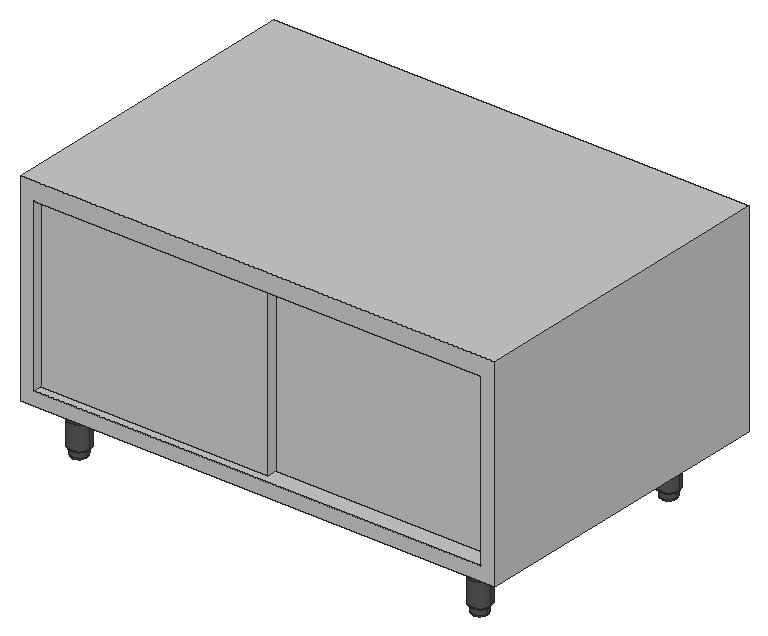
Revit family "QF_CAPIC_ETUVE_W293046", category Equipement spécialisé, Revit 2018
Family settings
  Cote de connecteur circulaire = Utiliser le diamètre
  Type d'élément = Normal
  Numéro OmniClass = 23.40.40.14
  Titre OmniClass = Food Service Equipment
  Basée sur le plan de construction = Non
  Toujours verticalement = Oui
  Couper avec des vides une fois chargée = Non
  Partagée = Non
  Point de calcul de pièce = Non
Parameters (values of type "L=1200mm")
  URL catalogue = "http://www.capic-fr.com/fr/"
  Type de Raccord Plomberie [instance] = ""
  Type de Raccord Electrique [instance] = "Bornier interne"
  Type de Gaz = ""
  Type article [instance] = ""
  Tension = 400 V
  Spécification du Fabricant = ""
  Show Logo = yes
  Remarques evacuation [instance] = ""
  Remarques Plomberie [instance] = ""
  Remarques Electricité [instance] = "400Vx3 +T"
  Puissance électrique  = 2100 W
  Puissance Gaz kW = 0
  Profondeur hors tout = 801 mm
  Pression Maximum Eau Adoucie = 0.0 Pa
  Poids net à vide = 120.00 kg
  Phase = 3
  Modèle = "W293046"
  Longueur porte = Longueur hors tout / 2 - 25 mm  # 575 mm
  Longueur hors tout = 1200 mm
  Intensité nominale = 0 A
  Hauteur hors tout = 630 mm
  Hauteur de Raccordement du Sol Finis = 240 mm
  Hauteur de Raccordement Gaz du Sol Finis = 0 mm
  Hauteur de Raccordement Evacuation Directe du Sol Finis = 0 mm
  Hauteur de Raccordement Eau Froide du Sol Finis = 0 mm
  Hauteur de Raccordement Eau Chaude du Sol Finis = 0 mm
  Hauteur de Raccordement Eau Adoucie du Sol Finis = 0 mm
  Fréquence = 50 Hz
  Fabricant = "CAPIC"
  Débit d'air d'extraction = 0.0 m³/h
  Débit Gaz = 0.0 L/s
  Débit Eau Froide = 0.0 L/s
  Débit Eau Chaude = 0.0 L/s
  Débit Eau Adoucie = 0.0 L/s
  Diamètre de Raccordement Gaz = 0 mm
  Diamètre de Raccordement Evacuation = 0 mm
  Diamètre de Raccordement Eau Froide = 0 mm
  Diamètre de Raccordement Eau Chaude = 0 mm
  Diamètre de Raccordement Eau Adoucie = 0 mm
  Description = "Placard chauffant 2 portes coulissantes"
  Assembly Code = ""
  Classification  Omniclass nombre et titre = ""
Reference planes
  plane 1 "Centre (avant/arrière)": y = 0
  plane 2: z = 0
  plane 3 "Centre (gauche/droite)": x = 0
  plane 4 "Centre G/E": y = 0
  plane 5: y = -838
  plane 6: x = 1200
  plane 7: x = 1198
  plane 8: x = 2
  plane 9: x = 1165
  plane 10: y = -818
  plane 11: x = 1158
  plane 12: y = -223
  plane 13: y = -820
  plane 14: z = 141
  plane 15: x = 42
  plane 16: x = 35
  plane 17: y = -182
  plane 18: z = 621
  plane 19: z = 120
  plane 20: y = -37
  plane 21: x = 610
  plane 22: x = 590
Forms (mm)
  Extrusion 1, solid, material "QF_Stainless Steel-Brushed"
    sketch origin (1480, 0, 0) x (1, 0, 0) y (0, 0, 1)
      loop
        line (-1480, 630) -> (-1480, 120) -> (-280, 120) -> (-280, 630) -> (-1480, 630)
    from 838 to 37
  Extrusion 2, void
    sketch origin (1480, 0, 0) x (1, 0, 0) y (0, 0, 1)
      loop
        line (-1445, 155.456) -> (-315, 155.456) -> (-315, 585.456) -> (-1445, 585.456) -> (-1445, 155.456)
    from 838 to 182
  Extrusion 3, void
    sketch origin (1480, 0, 0) x (1, 0, 0) y (0, 1, 0)
      loop
        line (-1445, -182) -> (-1445, -820) -> (-315, -820) -> (-315, -182) -> (-1445, -182)
    from 120 to 141
  Extrusion 4, solid, material "QF_Stainless Steel-Brushed"
    sketch origin (0, 0, 0) x (1, 0, 0) y (0, 1, 0)
      loop
        line (35, -818) -> (610, -818) -> (610, -793) -> (35, -793) -> (35, -818)
    from 155.456 to 585.456
  Extrusion 5, solid, material "QF_Stainless Steel-Brushed"
    sketch origin (0, 0, 0) x (1, 0, 0) y (0, 1, 0)
      loop
        line (590, -793) -> (1165, -793) -> (1165, -768) -> (590, -768) -> (590, -793)
    from 155.456 to 585.456
Cuts and joins
  Extrusion 2, Extrusion 3 cuts Extrusion 1
Lines and regions (mm)
  model lines
    curve 1: line (1090, -793, 425.451) -> (1145, -793, 425.451)
    curve 2: line (1090, -793, 315.451) -> (1090, -793, 425.451)
    curve 3: line (1145, -793, 315.451) -> (1090, -793, 315.451)
    curve 4: line (1145, -793, 425.451) -> (1145, -793, 315.451)
    curve 5: line (1138, -793, 418.451) -> (1097, -793, 418.451)
    curve 6: line (1097, -793, 418.451) -> (1097, -793, 322.451)
    curve 7: line (1138, -793, 322.451) -> (1138, -793, 418.451)
    curve 8: line (1097, -793, 322.451) -> (1138, -793, 322.451)
    curve 17: line (55, -818, 425.451) -> (110, -818, 425.451)
    curve 18: line (55, -818, 315.451) -> (55, -818, 425.451)
    curve 19: line (110, -818, 315.451) -> (55, -818, 315.451)
    curve 20: line (110, -818, 425.451) -> (110, -818, 315.451)
    curve 21: line (103, -818, 418.451) -> (62, -818, 418.451)
    curve 22: line (62, -818, 418.451) -> (62, -818, 322.451)
    curve 23: line (103, -818, 322.451) -> (103, -818, 418.451)
    curve 24: line (62, -818, 322.451) -> (103, -818, 322.451)
  model lines, not visible
    curve 9: line (890, -793, 425.451) -> (945, -793, 425.451)
    curve 10: line (890, -793, 315.451) -> (890, -793, 425.451)
    curve 11: line (945, -793, 315.451) -> (890, -793, 315.451)
    curve 12: line (945, -793, 425.451) -> (945, -793, 315.451)
    curve 13: line (938, -793, 418.451) -> (897, -793, 418.451)
    curve 14: line (897, -793, 418.451) -> (897, -793, 322.451)
    curve 15: line (938, -793, 322.451) -> (938, -793, 418.451)
    curve 16: line (897, -793, 322.451) -> (938, -793, 322.451)
    curve 25: line (45, -818, 425.451) -> (100, -818, 425.451)
    curve 26: line (45, -818, 315.451) -> (45, -818, 425.451)
    curve 27: line (100, -818, 315.451) -> (45, -818, 315.451)
    curve 28: line (100, -818, 425.451) -> (100, -818, 315.451)
    curve 29: line (93, -818, 418.451) -> (52, -818, 418.451)
    curve 30: line (52, -818, 418.451) -> (52, -818, 322.451)
    curve 31: line (93, -818, 322.451) -> (93, -818, 418.451)
    curve 32: line (52, -818, 322.451) -> (93, -818, 322.451)
Dimensions and locks
  locked: plane 9 to plane 6 at 35
  locked: plane 10 to plane 5 at 20
  "Profondeur hors tout": plane 5 to plane 20
  locked: plane 12 to plane 13 at 597
  locked: plane 7 to plane 6 at 2
  locked: plane 3 "Centre (gauche/droite)" to plane 8 at 2
  "Longueur hors tout": plane 3 "Centre (gauche/droite)" to plane 6
  locked: plane 3 "Centre (gauche/droite)" to plane 16 at 35
  locked: plane 13 to plane 5 at 18
  locked: plane 3 "Centre (gauche/droite)" to plane 15 at 42
  locked: plane 11 to plane 6 at 42
  locked: plane 17 to plane 5 at 656
  plane 14 to plane 19 to plane 2 = 21 mm locked, 120 mm locked
  locked: plane 20 to plane 4 "Centre G/E" at 37
  "Longueur porte": plane 16 to plane 21
  locked: Extrusion 4 to plane 10 at 25
  "Longueur porte": plane 22 to plane 9
  locked: Extrusion 5 to Extrusion 5 at 25
  locked: plane 6 to curve 4 at 55
  locked: curve 3 to level at 315.451
  locked: curve 18 to plane 3 "Centre (gauche/droite)" at 55
  aligned and locked: level to plane 2
  aligned and locked: Extrusion 1 to Extrusion 2
  aligned and locked: cut or joined group of Extrusion 1, Extrusion 2, Extrusion 3 to plane 5
  aligned and locked: nested 1 to plane 14
  aligned and locked: nested 2 to plane 14
  aligned and locked: nested 2 to plane 13
  aligned and locked: nested 2 to plane 15
  aligned and locked: nested 1 to plane 15
  aligned and locked: nested 1 to plane 12
  aligned and locked: nested 3 to plane 11
  aligned and locked: nested 4 to plane 11
  aligned and locked: plane 13 to nested 4
  aligned and locked: Extrusion 3 to plane 13
  aligned and locked: plane 17 to cut or joined group of Extrusion 1, Extrusion 2, Extrusion 3
  aligned and locked: plane 12 to nested 3
  aligned and locked: cut or joined group of Extrusion 1, Extrusion 2, Extrusion 3 to plane 17
  aligned and locked: plane 20 to cut or joined group of Extrusion 1, Extrusion 2, Extrusion 3
  aligned and locked: Extrusion 4 to plane 16
  aligned and locked: Extrusion 4 to plane 10  (x2)
  aligned and locked: Extrusion 4 to plane 21
  aligned and locked: Extrusion 5 to plane 22
  aligned and locked: plane 9 to Extrusion 5
  aligned and locked: Extrusion 5 to Extrusion 4
  aligned and locked: cut or joined group of Extrusion 1, Extrusion 2, Extrusion 3 to Extrusion 4  (x2)
  aligned and locked: cut or joined group of Extrusion 1, Extrusion 2, Extrusion 3 to Extrusion 5
Automatic sketch dimensions
  Extrusion 1 sketch curve to plane 3 "Centre (gauche/droite)" = 0 mm
  Extrusion 1 sketch curve to plane 6 = 0 mm
  Extrusion 1 sketch curve to plane 19 = 0 mm
  plane 18 to Extrusion 1 sketch curve = 9 mm
  Extrusion 2 sketch curve to plane 16 = 0 mm
  Extrusion 2 sketch curve to plane 9 = 0 mm
  Extrusion 2 sketch curve to plane 14 = 14.456 mm
  Extrusion 2 sketch curve to plane 18 = 35.544 mm
  Extrusion 3 sketch curve to plane 13 = 0 mm
  Extrusion 3 sketch curve to plane 16 = 0 mm
  Extrusion 3 sketch curve to plane 9 = 0 mm
  Extrusion 3 sketch curve to plane 17 = 0 mm
  Extrusion 4 sketch curve to plane 16 = 0 mm
  Extrusion 4 sketch curve to plane 21 = 0 mm
  Extrusion 4 sketch curve to plane 10 = 0 mm
  Extrusion 4 sketch curve to Extrusion 4 sketch curve = 25 mm
  Extrusion 5 sketch curve to plane 22 = 0 mm
  Extrusion 5 sketch curve to plane 9 = 0 mm
  plane 10 to Extrusion 5 sketch curve = 25 mm
  Extrusion 5 sketch curve to Extrusion 5 sketch curve = 25 mm
Nested families
  nested 1: "QF_Details_Pied" at (93.5, -223, 0), type "QF_Details_Pied"
  nested 2: "QF_Details_Pied" at (93.5, -820, 0), type "QF_Details_Pied"
  nested 3: "QF_Details_Pied" at (1106.5, -223, 0), type "QF_Details_Pied"
  nested 4: "QF_Details_Pied" at (1106.5, -820, 0), type "QF_Details_Pied"
Definition of nested family "QF_Details_Pied"
  Reference planes
    plane 1 "Centre (avant/arrière)": y = 0
    plane 2: z = 0
    plane 3 "Centre (gauche/droite)": x = 0
  Forms (mm)
    Extrusion 1, solid
      sketch origin (-137.492, 51.5, -340.756) x (1, 0, 0) y (0, 0, 1)
        loop
          line (85.992, 481.756) -> (85.992, 472.756) -> (188.992, 472.756) -> (188.992, 481.756) -> (85.992, 481.756)
      from -51.5 to 51.5
    Revolve 2, solid
      sketch origin (0, 51.5, -9) x (1, 0, 0) y (0, 0, 1)
        loop
          line (0, 141) -> (0, 9) -> (19.21, 9) -> (19.21, 13) -> (20.21, 13) -> (20.21, 26) -> (21.71, 26) -> (26.66, 30.95) -> (26.66, 90.95) -> (31.468, 136.698) -> (36.246, 141) -> (0, 141)
        axis (0, 141) -> (0, 9)
      angle from 0 to 360
  Dimensions and locks
    aligned and locked: level to plane 2
    aligned and locked: Extrusion 1 to Revolve 2 sketch curve
